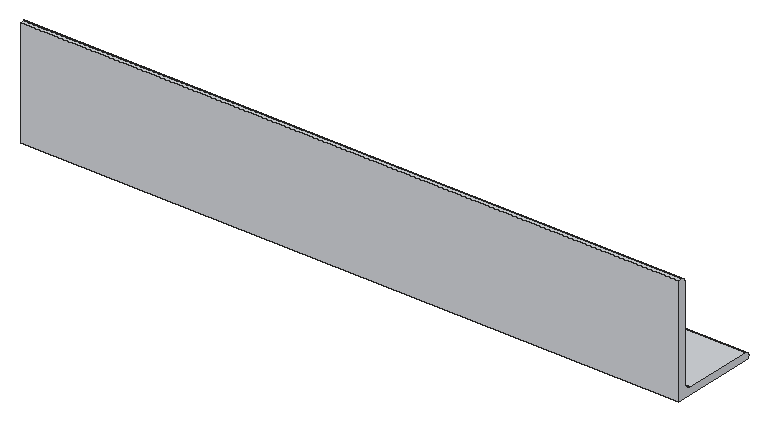
Revit family "StructuralFraming_AngleProfile", category Structural Framing, Revit 2018
Family settings
  Structural Framing Length Roundoff = 1 mm
  Section Shape = L-angle
  Material for Model Behavior = Steel
  Always export as geometry = No
  Always vertical = Yes
  Cut with Voids When Loaded = No
  Symbolic Representation = From Project Settings
  Shared = No
  Show family pre-cut in plan views = Yes
Parameters (values of type "AngleProfile")
  Width = 160 mm
  Web Thickness = 12 mm
  Web Fillet = 16 mm
  Warping Constant = (empty or 0)
  Torsional Moment of Inertia = 0 cm⁴
  Torsional Modulus = 0 cm³
  Top Web Fillet = 5 mm
  Structural Material [instance] = none
  Shear Area weak axis = 0.0 cm²
  Shear Area strong axis = 0.0 cm²
  Section Area = 0.0 cm²
  Principal Axes Angle = 0.00°
  Plastic Modulus weak axis = 0 cm³
  Plastic Modulus strong axis = 0 cm³
  Perimeter = (empty or 0)
  Nominal Weight = 0 N/m
  Moment of Inertia weak axis = 0 cm⁴
  Moment of Inertia strong axis = 0 cm⁴
  Length [instance] = 1500 mm
  Height = 200 mm
  Flange Thickness = 12 mm
  Flange Fillet = 5 mm
  Elastic Modulus weak axis = 0 cm³
  Elastic Modulus strong axis = 0 cm³
  Centroid Vertical = 40 mm
  Centroid Horizontal = 40 mm
  Bolt Spacing Shorter Flange = 0 mm
  Bolt Spacing 2 Longer Flange = 0 mm
  Bolt Spacing 1 Longer Flange = 0 mm
  built-in parameter 1005547 = (empty or 0)
  built-in parameter 1005546 = (empty or 0)
Reference planes
  plane 1 "Center (Front/Back)": y = 0
  plane 2: z = 0
  plane 3 "Center (Left/Right)": x = 4.61
  plane 4 "Member Left": x = -604.99
  plane 5 "Member Right": x = 614.21
  plane 6 "Left": x = -757.39
  plane 7 "Right": x = 742.61
Forms (mm)
  Sweep 1, solid, material <- "Structural Material", detail levels medium
    path origin (0, 0, 0) x (1, 0, 0) y (0, 1, 0)
      loop
        line (614.21, 0) -> (-604.99, 0)
    profile "AngleProfile-Medium : AngleProfile-Medium" origin (4.61, 0, 0) x (0, -1, 0) y (0, 0, 1)
      loop
        line (-120, -40) -> (40, -40) -> (40, 160) -> (28, 160) -> (28, -28) -> (-120, -28) -> (-120, -40)
  Sweep 2, solid, material <- "Structural Material", detail levels fine
    path origin (0, 0, 0) x (1, 0, 0) y (0, 1, 0)
      loop
        line (614.21, 0) -> (-604.99, 0)
    profile "AngleProfile-Fine : AngleProfile-Fine" origin (4.61, 0, 0) x (0, -1, 0) y (0, 0, 1)
      loop
        line (-120, -40) -> (40, -40) -> (40, 160) -> (33, 160)
        arc (33, 160) -> (29.464, 158.536) -> (28, 155) r 5
        line (28, 155) -> (28, -12)
        arc (28, -12) -> (23.314, -23.314) -> (12, -28) r 16
        line (12, -28) -> (-115, -28)
        arc (-115, -28) -> (-118.536, -29.464) -> (-120, -33) r 5
        line (-120, -33) -> (-120, -40)
Lines and regions (mm)
  symbolic lines, style "Hidden Faces", detail levels medium+fine
    curve 1: line (-604.99, 0, 28.2) -> (614.21, 0, 28.2)
    curve 2: line (-604.99, 29.2, 0) -> (614.21, 29.2, 0)
  symbolic lines, style "Stick Symbols", detail levels coarse
    curve 3: line (4.61, -40, -40) -> (4.61, -40, 160)
    curve 4: line (4.61, 120, -40) -> (4.61, -40, -40)
Dimensions and locks
  "Length": plane 6 "Left" to plane 7 "Right"
  "Centroid Horizontal": curve 3 to plane 1 "Center (Front/Back)"
  "Width": curve 3 to curve 4
  "Centroid Vertical": plane 2 to curve 4
  "Height": curve 3 to curve 4
  aligned and locked: Sweep 1 sketch curve to plane 1 "Center (Front/Back)"
  aligned and locked: Sweep 2 sketch curve to plane 1 "Center (Front/Back)"
  aligned and locked: plane 4 "Member Left" to Sweep 1 sketch curve
  aligned and locked: plane 5 "Member Right" to Sweep 1 sketch curve
  aligned and locked: plane 4 "Member Left" to Sweep 2 sketch curve
  aligned and locked: plane 5 "Member Right" to Sweep 2 sketch curve
  aligned and locked: plane 4 "Member Left" to curve 1
  aligned and locked: plane 5 "Member Right" to curve 1
  aligned and locked: plane 4 "Member Left" to curve 2
  aligned and locked: plane 5 "Member Right" to curve 2
Automatic sketch dimensions
  level to curve 1 = 28.2 mm
  curve 2 to plane 1 "Center (Front/Back)" = 29.2 mm
